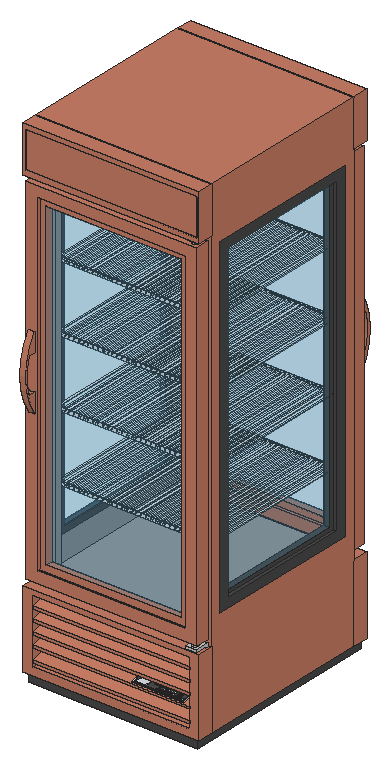
Revit family "QF_TRUE_G4SM-23PT-HC~TSL01", category Specialty Equipment, Revit 2016
Family settings
  Part Type = Normal
  Round Connector Dimension = Use Diameter
  Work Plane-Based = No
  Always vertical = Yes
  Cut with Voids When Loaded = No
  Shared = Yes
  Room Calculation Point = No
Parameters (values of type "G4SM-23PT-HC-TSL01")
  Weight in Pounds = 375
  Watts = if(Phase = 3, Volts * FL Amps * 1.73, Volts * FL Amps)  # 621 W
  Volts = 115 V
  URL Cutsheet = ""
  URL = ""
  Type Comments = ""
  Specification by User = ""
  Specification by Manufacturer = ""
  Show Logo [instance] = yes
  Show Default Legs [instance] = if(or(Show 6 Inches Standard Legs, Show 2.5 Inches Castors), or(Show 4 Inches Castors, and(Show 6 Inches Standard Legs, Show 2.5 Inches Castors), and(Show 2.5 Inches Castors, Show 6 Inches Seismic Flanged Legs)), if(Show 4 Inches Castors, Show 6 Inches Seismic Flanged Legs, not(Show 6 Inches Seismic Flanged Legs)))  # yes
  Show Clearance [instance] = yes
  Show 6 Inches Standard Legs [instance] = no
  Show 6 Inches Seismic Flanged Legs [instance] = no
  Show 4 Inches Castors [instance] = no
  Show 2.5 Inches Castors [instance] = no
  Serial Number = ""
  Seismic Rating = ""
  SMACNA No = ""
  Revision Code = ""
  Phase = 1
  Number of Poles = 1
  NAFEM Spec ID Number = ""
  Model = "G4SM-23PT-HC~TSL01"
  Min Ckt Ampacity = 0 A
  Max Overcurrent Protection = 0 A
  Masterspec = ""
  Manufacturer = "TRUE"
  Length = 27 1/2"
  Item Number = ""
  Installed By = ""
  Inches Seismic Flanged Legs [instance] = and(Show 6 Inches Seismic Flanged Legs, not(Show Default Legs))  # no
  Identify Quantity as Lot = yes
  Height [instance] = Body Height + Base Height  # 78 5/8"
  HP = "1/3"
  Furnished By = ""
  Foodservice Equipment Identifier = yes
  FL Amps = 5.4 A
  Electrical Remarks = ""
  Electric Connection Type = ""
  Elec Conn RI Height = 0"
  Elec Conn Connection Height = 0"
  Description = "SWING DOOR PASS-THRU REFRIGERATOR WITH HYDROCARBON REFRIGERANT-TRUE STANDARD LOOK VERSION 01"
  Depth = 32 3/4"  # constant formula
  Cycle = 60 Hz
  Conn Plug = "NEMA 5-15P"
  Conn Conduit = yes
  CSI MasterFormat = ""
  Body Height [instance] = 78 5/16"  # constant formula
  Base Height [instance] = if(Show Default Legs, 5/16", if(Show 2.5 Inches Castors, 2 1/2", if(Show 6 Inches Standard Legs, 6", if(Show 4 Inches Castors, 4", if(Show 6 Inches Seismic Flanged Legs, 6", 5" / 16)))))  # 5/16"
  Apparent Power = 0 VA
  6 Inches Standard Legs [instance] = and(Show 6 Inches Standard Legs, not(Show Default Legs))  # no
  4 Inches Castors [instance] = and(Show 4 Inches Castors, not(Show Default Legs))  # no
  2.5 Inches Casters [instance] = and(Show 2.5 Inches Castors, not(Show Default Legs))  # no
Reference planes (in)
  plane 1 "BACK": y = 4.0625
  plane 2: z = 0
  plane 3 "LEFT": x = 0
  plane 4 "RIGHT": x = 27.5
  plane 5 "FRONT": y = -31.9376
  plane 6 "Top": z = 78.625
  plane 7: z = 0.3125
  plane 8: y = -13.93755
  plane 9: x = 13.75
  plane 10: y = -30.3126
  plane 11: y = 2.4374
Dimensions and locks (in)
  "Base Height": plane 7 to level
  "Body Height": plane 6 "Top" to plane 7
  "Length": plane 3 "LEFT" to plane 4 "RIGHT"
  nested 1 to plane 7 = 1 3/8"
  equal spacing: plane 5 "FRONT", plane 8, plane 1 "BACK"
  equal spacing: nested 1, plane 9, nested 1
  plane 5 "FRONT" to plane 1 "BACK" = 36.0001"
  nested 1 to nested 1 = 1 5/8"
  plane 6 "Top" to level = 78 5/8"
  "Depth": plane 11 to plane 10
  aligned and locked: level to plane 2
  aligned and locked: nested 1 to plane 7  (x2)
Nested families (in)
  nested 1: "G4SM-23PT-HC-TSL01" at (0, -7.28135, 0), Show Logo <- "Show Logo", Show Clearance <- "Show Clearance", Show Default Legs <- "Show Default Legs", type "G4SM-23PT-HC-TSL01"
    with Type Mark "1", Specification by User "", Show Logo yes, Show Default Legs yes, Show Clearance yes, Seismic Plate no, Revision Code "", Legs no, Item Number "", Installed By "", Identify Quantity as Lot yes, Furnished By "", Foodservice Equipment Identifier yes
  nested 2: "CASTER-LEGS" at (2.25, -2.25, 0), Show Siesmic Flanged <- "Inches Seismic Flanged Legs", Show 6 Inches Legs <- "6 Inches Standard Legs", Show 2.5 Casters <- "2.5 Inches Casters", Show 4" Casters <- "4 Inches Castors", type "CASTER-LEGS"
    with Type Mark "", Status "", Specification by User "", Show Siesmic Flanged no, Show 6 Inches Legs no, Show 4" Casters no, Show 2.5 Casters no, Revision Code "", Low Profile yes, Item Number "", Installed By "", Identify Quantity as Lot yes, Furnished By "", Foodservice Equipment Identifier yes
  nested 3: "CASTER-LEGS" at (2.25, -25.6251, 0), Show Siesmic Flanged <- "Inches Seismic Flanged Legs", Show 6 Inches Legs <- "6 Inches Standard Legs", Show 2.5 Casters <- "2.5 Inches Casters", Show 4" Casters <- "4 Inches Castors", type "CASTER-LEGS"
    with Type Mark "", Status "", Specification by User "", Show Siesmic Flanged no, Show 6 Inches Legs no, Show 4" Casters no, Show 2.5 Casters no, Revision Code "", Low Profile yes, Item Number "", Installed By "", Identify Quantity as Lot yes, Furnished By "", Foodservice Equipment Identifier yes
  nested 4: "CASTER-LEGS" at (25.25, -25.6251, 0), Show Siesmic Flanged <- "Inches Seismic Flanged Legs", Show 6 Inches Legs <- "6 Inches Standard Legs", Show 2.5 Casters <- "2.5 Inches Casters", Show 4" Casters <- "4 Inches Castors", type "CASTER-LEGS"
    with Type Mark "", Status "", Specification by User "", Show Siesmic Flanged no, Show 6 Inches Legs no, Show 4" Casters no, Show 2.5 Casters no, Revision Code "", Low Profile yes, Item Number "", Installed By "", Identify Quantity as Lot yes, Furnished By "", Foodservice Equipment Identifier yes
  nested 5: "CASTER-LEGS" at (25.25, -2.25, 0), Show Siesmic Flanged <- "Inches Seismic Flanged Legs", Show 6 Inches Legs <- "6 Inches Standard Legs", Show 2.5 Casters <- "2.5 Inches Casters", Show 4" Casters <- "4 Inches Castors", type "CASTER-LEGS"
    with Type Mark "", Status "", Specification by User "", Show Siesmic Flanged no, Show 6 Inches Legs no, Show 4" Casters no, Show 2.5 Casters no, Revision Code "", Low Profile yes, Item Number "", Installed By "", Identify Quantity as Lot yes, Furnished By "", Foodservice Equipment Identifier yes
Connectors (in)
  electrical at (13.75, 2.5924, 7.71875), driven by "Volts", driven by "Watts"
    settings: on nested 1, index 1, voltage 115 V, apparent load 621 VA, apparent load phase1 0 VA, apparent load phase2 0 VA, apparent load phase3 0 VA, power factor 1, load classification "Other", number of poles 1, system type 30, power factor state 1, is connector primary yes, connector utility no, sub classification motor no, connector description "ELECTRICAL CONNECTION"
Definition of nested family "G4SM-23PT-HC-TSL01"
  Parameters (values of type "G4SM-23PT-HC-TSL01")
    URL = ""
    Type Mark [instance] = ""
    Type Comments = ""
    Specification by User [instance] = ""
    Specification by Manufacturer = ""
    Show Logo [instance] = yes
    Show Default Legs [instance] = yes
    Show Clearance [instance] = yes
    Serial Number = ""
    Seismic Rating = ""
    Seismic Plate [instance] = no
    SMACNA No = ""
    Revision Code [instance] = ""
    Omniclass Number and Title = ""
    NAFEM Spec ID Number = ""
    Model = ""
    MasterSpec. = ""
    Manufacturer = ""
    Legs [instance] = no
    Item Number [instance] = ""
    Installed By [instance] = ""
    Identify Quantity as Lot [instance] = yes
    Furnished By [instance] = ""
    Foodservice Equipment Identifier [instance] = yes
    Description = ""
    CSI MasterFormat = ""
    CSI Master Format = ""
    Body Finish = none
    Assembly Code = ""
  Reference planes (in)
    plane 1 "BACK": y = 9.71875
    plane 2: z = 0
    plane 3 "LEFT": x = 0
    plane 4 "RIGHT": x = 27.5
    plane 5 "FRONT": y = -24.65625
    plane 6: y = -33.61045
    plane 7 "Top": z = 78.625
    plane 8: z = 2.1875
    plane 9: y = -23.03125
    plane 10: y = -6.65625
    plane 11: y = 11.34375
    plane 12: x = 13.75
    plane 13: y = 34.65625
    plane 14: x = 12.93112
    plane 15: x = 13.75
    plane 16: x = 12.93112
    plane 17: x = 12.93112
    plane 18: x = 12.93112
    plane 19: y = -47.96875
    plane 20: y = 34.65625
  Forms (in)
    Extrusion 1, solid, material <- "Body Finish"
      sketch origin (0, 0.09375, 1.875) x (0, 1, 0) y (0, 0, 1)
        loop
          line (-20.625, 2.56553) -> (-20.625, 10.52178) -> (-23.125, 9.6407) -> (-23.125, 9.25512) -> (-21.16746, 9.94502) -> (-21.16746, 8.49996) -> (-23.125, 7.81006) -> (-23.125, 7.42448) -> (-21.16746, 8.11439) -> (-21.16746, 6.66933) -> (-23.125, 5.97943) -> (-23.125, 5.59385) -> (-21.16746, 6.28375) -> (-21.16746, 4.83869) -> (-23.125, 4.14879) -> (-23.125, 3.76321) -> (-21.16746, 4.45312) -> (-21.16746, 2.75993) -> (-23.125, 2.07003) -> (-23.125, 1.68445) -> (-20.625, 2.56553)
      from 1.5 to 26
    Extrusion 2, solid
      sketch origin (-25.125, 10.84375, -0.71875) x (1, 0, 0) y (0, 0, 1)
        loop
          line (25.5, 78.59375) -> (25.5, 72.84387) -> (52.25, 72.84387) -> (52.25, 78.59375) -> (25.5, 78.59375)
      from 31.641 to 33.75
    Extrusion 3, solid, material <- "Body Finish"
      sketch origin (0, 0, 0) x (1, 0, 0) y (0, 0, 1)
        loop
          line (0, 78.625) -> (0, 1.6875) -> (27.5, 1.6875) -> (27.5, 78.625) -> (0, 78.625)
        loop
          line (1.3125, 70.66173) -> (1.3125, 14.8125) -> (26.1875, 14.8125) -> (26.1875, 70.66173) -> (1.3125, 70.66173)
      from -7.21875 to 20.53125
    Extrusion 4, solid
      sketch origin (0, 0.21777, 0) x (1, 0, 0) y (0, 0, 1)
        loop
          line (3.125, 17.5625) -> (24.375, 17.5625) -> (24.375, 67.91173) -> (3.125, 67.91173) -> (3.125, 17.5625)
      from 21.62954 to 22.68087
    Extrusion 5, solid
      sketch origin (2.39022, 0.28125, 7.37512) x (1, 0, 0) y (0, 1, 0)
        loop
          line (23.02382, -20.8125) -> (23.02382, -22.88338) -> (24.4375, -22.88338) -> (24.4375, -20.8125) -> (23.02382, -20.8125)
      from 63.59911 to 64
    Extrusion 6, solid
      sketch origin (2.39022, 0.20312, 58.46661) x (1, 0, 0) y (0, 1, 0)
        loop
          circle (23.79728, -22.15971) r 0.5
      from 12.19512 to 12.50762
    Extrusion 7, solid
      sketch origin (0, -24.40625, 0) x (1, 0, 0) y (0, 0, 1)
        loop
          line (0.5, 1.6875) -> (0.5, 0.3125) -> (27, 0.3125) -> (27, 1.6875) -> (0.5, 1.6875)
      from -33.62625 to -1.7825
    Extrusion 8, solid, material <- "Body Finish"
      sketch origin (0, -20.53125, 0) x (1, 0, 0) y (0, 0, 1)
        loop
          line (27.5, 1.6875) -> (27.5, 13.75) -> (0, 13.75) -> (0, 1.6875) -> (27.5, 1.6875)
        loop
          line (26, 2.9375) -> (26, 13) -> (1.5, 13) -> (1.5, 2.9375) -> (26, 2.9375)
        loop
          line (0.375, 72.12512) -> (27.125, 72.12512) -> (27.125, 77.875) -> (0.375, 77.875) -> (0.375, 72.12512)
        loop
          line (27.5, 71.37512) -> (27.5, 78.625) -> (0, 78.625) -> (0, 71.37512) -> (27.5, 71.37512)
      from 0 to 2.5
    Extrusion 9, solid
      sketch origin (2.39022, 0.09375, 2.4375) x (0, 1, 0) y (0, 0, 1)
        loop
          line (-20.79736, 11.3125) -> (-20.79736, 11.88262) -> (-23.04736, 11.88262) -> (-23.04736, 11.47736) -> (-21.29736, 11.47736) -> (-21.29736, 11.3125) -> (-20.79736, 11.3125)
      from 23.06646 to 24.65563
    Extrusion 10, solid
      sketch origin (2.39022, 0.09375, 2.4375) x (1, 0, 0) y (0, 1, 0)
        loop
          circle (23.79728, -22.15971) r 0.5
      from 11.88262 to 12.375
    Extrusion 11, solid, material <- "Body Finish"
      sketch origin (-25.125, -22.90625, -0.71875) x (1, 0, 0) y (0, 0, 1)
        loop
          line (27.25, 69.63048) -> (27.25, 17.28125) -> (50.5, 17.28125) -> (50.5, 69.63048) -> (27.25, 69.63048)
        loop
          line (28.25, 68.63048) -> (28.25, 18.28125) -> (49.5, 18.28125) -> (49.5, 68.63048) -> (28.25, 68.63048)
      from -1.49448 to -0.44315
    Extrusion 12, void
      sketch origin (0, 0, 2.9375) x (0, 0, -1) y (0, 1, 0)
        loop
          line (-65.97423, -18.03125) -> (-15.97423, -18.03125) -> (-15.97423, 4.25) -> (-65.97423, 4.25) -> (-65.97423, -18.03125)
      from 0 to 27.5
    Sweep 13, solid
      path in 3D
        loop
          line (26.1875, 4.25, 18.91173) -> (26.1875, 4.25, 68.91173) -> (26.1875, -18.03125, 68.91173) -> (26.1875, -18.03125, 18.91173) -> (26.1875, 4.25, 18.91173)
      profile origin (26.1875, -6.89062, 18.91173) x (-1, 0, 0) y (0, 0, 1)
        loop
          line (0.1875, 0) -> (0.1875, 1) -> (-0.8125, 1) -> (-0.8125, 0.5) -> (-1.4375, 0.5) -> (-1.4375, -1) -> (-1.3125, -1) -> (-1.3125, 0) -> (0.1875, 0)
    Sweep 14, solid
      path in 3D
        loop
          line (1.3125, 4.25, 18.91173) -> (1.3125, 4.25, 68.91173) -> (1.3125, -18.03125, 68.91173) -> (1.3125, -18.03125, 18.91173) -> (1.3125, 4.25, 18.91173)
      profile origin (1.3125, -6.89062, 18.91173) x (-1, 0, 0) y (0, 0, 1)
        loop
          line (-0.1875, 0) -> (1.3125, 0) -> (1.3125, -1) -> (1.4375, -1) -> (1.4375, 0.5) -> (0.8125, 0.5) -> (0.8125, 1) -> (-0.1875, 1) -> (-0.1875, 0)
    Extrusion 15, solid
      sketch origin (0, 0, 0) x (1, 0, 0) y (0, 1, 0)
        loop
          line (26.17826, -19.69067) -> (26.17826, -18.69067) -> (25.17826, -18.69067) -> (25.17826, -19.69067) -> (26.17826, -19.69067)
        loop
          line (1.49362, -19.69067) -> (2.49362, -19.69067) -> (2.49362, -18.69067) -> (1.49362, -18.69067) -> (1.49362, -19.69067)
        loop
          line (26.17826, 6.37817) -> (25.17826, 6.37817) -> (25.17826, 5.37817) -> (26.17826, 5.37817) -> (26.17826, 6.37817)
        loop
          line (1.49362, 6.37817) -> (1.49362, 5.37817) -> (2.49362, 5.37817) -> (2.49362, 6.37817) -> (1.49362, 6.37817)
      from 14.8125 to 70.66173
    Extrusion 16, solid
      sketch origin (0, 0, 2.9375) x (0, 0, 1) y (0, 1, 0)
        loop
          line (64.97423, 3.25) -> (16.97423, 3.25) -> (16.97423, -17.03125) -> (64.97423, -17.03125) -> (64.97423, 3.25)
      from -1.3125 to -0.5
    Extrusion 17, solid
      sketch origin (27.5, 0, 2.9375) x (0, 0, 1) y (0, -1, 0)
        loop
          line (64.97423, -3.25) -> (64.97423, 17.03125) -> (16.97423, 17.03125) -> (16.97423, -3.25) -> (64.97423, -3.25)
      from -1.3125 to -0.5
    Extrusion 18, solid
      sketch origin (27.5, -13.53027, 0) x (-1, 0, 0) y (0, 0, 1)
        loop
          line (3.125, 17.5625) -> (24.375, 17.5625) -> (24.375, 67.91173) -> (3.125, 67.91173) -> (3.125, 17.5625)
      from 21.62954 to 22.68087
    Extrusion 19, solid
      sketch origin (25.10978, -13.59375, 7.37512) x (-1, 0, 0) y (0, -1, 0)
        loop
          line (23.02382, -20.8125) -> (23.02382, -22.88338) -> (24.4375, -22.88338) -> (24.4375, -20.8125) -> (23.02382, -20.8125)
      from 63.59911 to 64
    Extrusion 20, solid
      sketch origin (25.10978, -13.51562, 58.46661) x (-1, 0, 0) y (0, -1, 0)
        loop
          circle (23.79728, -22.15971) r 0.5
      from 12.19512 to 12.50762
    Extrusion 21, solid, material <- "Body Finish"
      sketch origin (52.625, 9.59375, -0.71875) x (-1, 0, 0) y (0, 0, 1)
        loop
          line (27.25, 69.63048) -> (27.25, 17.28125) -> (50.5, 17.28125) -> (50.5, 69.63048) -> (27.25, 69.63048)
        loop
          line (28.25, 68.63048) -> (28.25, 18.28125) -> (49.5, 18.28125) -> (49.5, 68.63048) -> (28.25, 68.63048)
      from -1.49448 to -0.44315
    Extrusion 22, solid
      sketch origin (67.25, 9.87375, -53.3125) x (-1, 0, 0) y (0, 0, -1)
        loop
          circle (53.5, -61.03125) r 0.25
      from 0 to 0.155
    Extrusion 23, solid, visible <- "Show Clearance", detail levels coarse
      sketch origin (21.9932, -38.32014, 0) x (-1, 0, 0) y (0, -1, 0)
        loop
          arc (21.61819, -15.41389) -> (13.30443, 2.51938) -> (-5.1318, 9.64861) r 26.39092
          line (-5.1318, 9.64861) -> (-5.1318, -15.41389) -> (21.61819, -15.41389)
        loop
          arc (-5.1318, -47.91389) -> (3.18196, -65.84715) -> (21.61819, -72.97639) r 26.39092
          line (21.61819, -72.97639) -> (21.61819, -47.91389) -> (-5.1318, -47.91389)
      from 14.8125 to 70.66173
    Extrusion 24, solid, material <- "Body Finish"
      sketch origin (0.82942, -180, 49.9783) x (0, 0, -1) y (0, -1, 0)
        loop
          line (0, -157.09375) -> (3, -157.09375) -> (3, -155.97904)
          arc (3, -155.97904) -> (5.76725, -155.59365) -> (8.53451, -155.97904) r 10.1277
          line (8.53451, -155.97904) -> (8.53451, -157.09375) -> (11.53451, -157.09375)
          arc (11.53451, -157.09375) -> (5.76725, -155.34365) -> (0, -157.09375) r 10.3777
      from 0 to -0.84676
    Extrusion 25, solid, material <- "Body Finish"
      sketch origin (26.67058, 166.6875, 49.9783) x (0, 0, -1) y (0, 1, 0)
        loop
          line (0, -157.09375) -> (3, -157.09375) -> (3, -155.97888)
          arc (3, -155.97888) -> (5.76725, -155.59346) -> (8.53451, -155.97888) r 10.12675
          line (8.53451, -155.97888) -> (8.53451, -157.09375) -> (11.53451, -157.09375)
          arc (11.53451, -157.09375) -> (5.76725, -155.34346) -> (0, -157.09375) r 10.37675
      from 0 to -0.84676
    Extrusion 26, solid
      sketch origin (25.10978, -13.59375, 7.37512) x (-1, 0, 0) y (0, -1, 0)
        loop
          line (23.02382, -20.8125) -> (23.02382, -22.88338) -> (24.4375, -22.88338) -> (24.4375, -20.8125) -> (23.02382, -20.8125)
      from 63.59911 to 64
    Extrusion 27, solid
      sketch origin (25.10978, -13.51562, 58.46661) x (-1, 0, 0) y (0, -1, 0)
        loop
          circle (23.79728, -22.15971) r 0.5
      from 12.19512 to 12.50762
    Extrusion 28, solid
      sketch origin (25.10978, -13.40625, 2.4375) x (0, -1, 0) y (0, 0, 1)
        loop
          line (-20.79736, 11.3125) -> (-20.79736, 11.88262) -> (-23.04736, 11.88262) -> (-23.04736, 11.47736) -> (-21.29736, 11.47736) -> (-21.29736, 11.3125) -> (-20.79736, 11.3125)
      from 23.06646 to 24.65563
    Extrusion 29, solid
      sketch origin (25.10978, -13.40625, 2.4375) x (-1, 0, 0) y (0, -1, 0)
        loop
          circle (23.79728, -22.15971) r 0.5
      from 11.88262 to 12.375
    Extrusion 30, solid, visible <- "Show Default Legs"
      sketch origin (-103.07038, -24.40625, 0.3125) x (0, -1, 0) y (-1, 0, 0)
        loop
          circle (-32.21204, -104.98459) r 0.75
        loop
          circle (-32.21204, -128.65617) r 0.75
        loop
          circle (-3.28796, -104.98459) r 0.75
        loop
          circle (-3.28796, -128.65617) r 0.75
      from 0 to 0.3125
    Extrusion 31, solid
      sketch origin (1.99362, -18.69067, -3.49016) x (-1, 0, 0) y (0, 0, 1)
        loop
          line (0.5, 51.21206) -> (0.5, 51.71206) -> (-24.01276, 51.71206) -> (-24.01276, 51.21206) -> (0.5, 51.21206)
        loop
          line (-10.72786, 51.56394) -> (-11.2849, 51.56394) -> (-11.2849, 51.36019) -> (-10.72786, 51.36019) -> (-10.72786, 51.56394)
        loop
          line (-9.97786, 51.56394) -> (-10.5349, 51.56394) -> (-10.5349, 51.36019) -> (-9.97786, 51.36019) -> (-9.97786, 51.56394)
        loop
          line (-9.22786, 51.56394) -> (-9.7849, 51.56394) -> (-9.7849, 51.36019) -> (-9.22786, 51.36019) -> (-9.22786, 51.56394)
        loop
          line (-8.47786, 51.56394) -> (-9.0349, 51.56394) -> (-9.0349, 51.36019) -> (-8.47786, 51.36019) -> (-8.47786, 51.56394)
        loop
          line (-7.72786, 51.56394) -> (-8.2849, 51.56394) -> (-8.2849, 51.36019) -> (-7.72786, 51.36019) -> (-7.72786, 51.56394)
        loop
          line (-6.97786, 51.56394) -> (-7.5349, 51.56394) -> (-7.5349, 51.36019) -> (-6.97786, 51.36019) -> (-6.97786, 51.56394)
        loop
          line (-6.22786, 51.56394) -> (-6.7849, 51.56394) -> (-6.7849, 51.36019) -> (-6.22786, 51.36019) -> (-6.22786, 51.56394)
        loop
          line (-5.47786, 51.56394) -> (-6.0349, 51.56394) -> (-6.0349, 51.36019) -> (-5.47786, 51.36019) -> (-5.47786, 51.56394)
        loop
          line (-4.72786, 51.56394) -> (-5.2849, 51.56394) -> (-5.2849, 51.36019) -> (-4.72786, 51.36019) -> (-4.72786, 51.56394)
        loop
          line (-3.97786, 51.56394) -> (-4.5349, 51.56394) -> (-4.5349, 51.36019) -> (-3.97786, 51.36019) -> (-3.97786, 51.56394)
        loop
          line (-3.22786, 51.56394) -> (-3.7849, 51.56394) -> (-3.7849, 51.36019) -> (-3.22786, 51.36019) -> (-3.22786, 51.56394)
        loop
          line (-2.47786, 51.56394) -> (-3.0349, 51.56394) -> (-3.0349, 51.36019) -> (-2.47786, 51.36019) -> (-2.47786, 51.56394)
        loop
          line (-1.72786, 51.56394) -> (-2.2849, 51.56394) -> (-2.2849, 51.36019) -> (-1.72786, 51.36019) -> (-1.72786, 51.56394)
        loop
          line (-0.97786, 51.56394) -> (-1.5349, 51.56394) -> (-1.5349, 51.36019) -> (-0.97786, 51.36019) -> (-0.97786, 51.56394)
        loop
          line (-0.22786, 51.56394) -> (-0.7849, 51.56394) -> (-0.7849, 51.36019) -> (-0.22786, 51.36019) -> (-0.22786, 51.56394)
        loop
          line (-12.0349, 51.56394) -> (-12.0349, 51.36019) -> (-11.47786, 51.36019) -> (-11.47786, 51.56394) -> (-12.0349, 51.56394)
        loop
          line (-12.7849, 51.56394) -> (-12.7849, 51.36019) -> (-12.22786, 51.36019) -> (-12.22786, 51.56394) -> (-12.7849, 51.56394)
        loop
          line (-13.5349, 51.56394) -> (-13.5349, 51.36019) -> (-12.97786, 51.36019) -> (-12.97786, 51.56394) -> (-13.5349, 51.56394)
        loop
          line (-14.2849, 51.56394) -> (-14.2849, 51.36019) -> (-13.72786, 51.36019) -> (-13.72786, 51.56394) -> (-14.2849, 51.56394)
        loop
          line (-15.0349, 51.56394) -> (-15.0349, 51.36019) -> (-14.47786, 51.36019) -> (-14.47786, 51.56394) -> (-15.0349, 51.56394)
        loop
          line (-15.7849, 51.56394) -> (-15.7849, 51.36019) -> (-15.22786, 51.36019) -> (-15.22786, 51.56394) -> (-15.7849, 51.56394)
        loop
          line (-16.5349, 51.56394) -> (-16.5349, 51.36019) -> (-15.97786, 51.36019) -> (-15.97786, 51.56394) -> (-16.5349, 51.56394)
        loop
          line (-17.2849, 51.56394) -> (-17.2849, 51.36019) -> (-16.72786, 51.36019) -> (-16.72786, 51.56394) -> (-17.2849, 51.56394)
        loop
          line (-18.0349, 51.56394) -> (-18.0349, 51.36019) -> (-17.47786, 51.36019) -> (-17.47786, 51.56394) -> (-18.0349, 51.56394)
        loop
          line (-18.7849, 51.56394) -> (-18.7849, 51.36019) -> (-18.22786, 51.36019) -> (-18.22786, 51.56394) -> (-18.7849, 51.56394)
        loop
          line (-19.5349, 51.56394) -> (-19.5349, 51.36019) -> (-18.97786, 51.36019) -> (-18.97786, 51.56394) -> (-19.5349, 51.56394)
        loop
          line (-20.2849, 51.56394) -> (-20.2849, 51.36019) -> (-19.72786, 51.36019) -> (-19.72786, 51.56394) -> (-20.2849, 51.56394)
        loop
          line (-21.0349, 51.56394) -> (-21.0349, 51.36019) -> (-20.47786, 51.36019) -> (-20.47786, 51.56394) -> (-21.0349, 51.56394)
        loop
          line (-21.7849, 51.56394) -> (-21.7849, 51.36019) -> (-21.22786, 51.36019) -> (-21.22786, 51.56394) -> (-21.7849, 51.56394)
        loop
          line (-22.5349, 51.56394) -> (-22.5349, 51.36019) -> (-21.97786, 51.36019) -> (-21.97786, 51.56394) -> (-22.5349, 51.56394)
        loop
          line (-23.2849, 51.56394) -> (-23.2849, 51.36019) -> (-22.72786, 51.36019) -> (-22.72786, 51.56394) -> (-23.2849, 51.56394)
      from 0 to 0.125
    Extrusion 32, solid
      sketch origin (25.36862, 5.37817, 48.2219) x (-1, 0, 0) y (0, 0, 1)
        loop
          line (23.875, -0.5) -> (23.875, 0) -> (-0.63776, 0) -> (-0.63776, -0.5) -> (23.875, -0.5)
        loop
          line (12.64714, -0.14812) -> (12.0901, -0.14812) -> (12.0901, -0.35188) -> (12.64714, -0.35188) -> (12.64714, -0.14812)
        loop
          line (13.39714, -0.14812) -> (12.8401, -0.14812) -> (12.8401, -0.35188) -> (13.39714, -0.35188) -> (13.39714, -0.14812)
        loop
          line (14.14714, -0.14812) -> (13.5901, -0.14812) -> (13.5901, -0.35188) -> (14.14714, -0.35188) -> (14.14714, -0.14812)
        loop
          line (14.89714, -0.14812) -> (14.3401, -0.14812) -> (14.3401, -0.35188) -> (14.89714, -0.35188) -> (14.89714, -0.14812)
        loop
          line (15.64714, -0.14812) -> (15.0901, -0.14812) -> (15.0901, -0.35188) -> (15.64714, -0.35188) -> (15.64714, -0.14812)
        loop
          line (16.39714, -0.14812) -> (15.8401, -0.14812) -> (15.8401, -0.35188) -> (16.39714, -0.35188) -> (16.39714, -0.14812)
        loop
          line (17.14714, -0.14812) -> (16.5901, -0.14812) -> (16.5901, -0.35188) -> (17.14714, -0.35188) -> (17.14714, -0.14812)
        loop
          line (17.89714, -0.14812) -> (17.3401, -0.14812) -> (17.3401, -0.35188) -> (17.89714, -0.35188) -> (17.89714, -0.14812)
        loop
          line (18.64714, -0.14812) -> (18.0901, -0.14812) -> (18.0901, -0.35188) -> (18.64714, -0.35188) -> (18.64714, -0.14812)
        loop
          line (19.39714, -0.14812) -> (18.8401, -0.14812) -> (18.8401, -0.35188) -> (19.39714, -0.35188) -> (19.39714, -0.14812)
        loop
          line (20.14714, -0.14812) -> (19.5901, -0.14812) -> (19.5901, -0.35188) -> (20.14714, -0.35188) -> (20.14714, -0.14812)
        loop
          line (20.89714, -0.14812) -> (20.3401, -0.14812) -> (20.3401, -0.35188) -> (20.89714, -0.35188) -> (20.89714, -0.14812)
        loop
          line (21.64714, -0.14812) -> (21.0901, -0.14812) -> (21.0901, -0.35188) -> (21.64714, -0.35188) -> (21.64714, -0.14812)
        loop
          line (22.39714, -0.14812) -> (21.8401, -0.14812) -> (21.8401, -0.35188) -> (22.39714, -0.35188) -> (22.39714, -0.14812)
        loop
          line (23.14714, -0.14812) -> (22.5901, -0.14812) -> (22.5901, -0.35188) -> (23.14714, -0.35188) -> (23.14714, -0.14812)
        loop
          line (11.3401, -0.14812) -> (11.3401, -0.35188) -> (11.89714, -0.35188) -> (11.89714, -0.14812) -> (11.3401, -0.14812)
        loop
          line (10.5901, -0.14812) -> (10.5901, -0.35188) -> (11.14714, -0.35188) -> (11.14714, -0.14812) -> (10.5901, -0.14812)
        loop
          line (9.8401, -0.14812) -> (9.8401, -0.35188) -> (10.39714, -0.35188) -> (10.39714, -0.14812) -> (9.8401, -0.14812)
        loop
          line (9.0901, -0.14812) -> (9.0901, -0.35188) -> (9.64714, -0.35188) -> (9.64714, -0.14812) -> (9.0901, -0.14812)
        loop
          line (8.3401, -0.14812) -> (8.3401, -0.35188) -> (8.89714, -0.35188) -> (8.89714, -0.14812) -> (8.3401, -0.14812)
        loop
          line (7.5901, -0.14812) -> (7.5901, -0.35188) -> (8.14714, -0.35188) -> (8.14714, -0.14812) -> (7.5901, -0.14812)
        loop
          line (6.8401, -0.14812) -> (6.8401, -0.35188) -> (7.39714, -0.35188) -> (7.39714, -0.14812) -> (6.8401, -0.14812)
        loop
          line (6.0901, -0.14812) -> (6.0901, -0.35188) -> (6.64714, -0.35188) -> (6.64714, -0.14812) -> (6.0901, -0.14812)
        loop
          line (5.3401, -0.14812) -> (5.3401, -0.35188) -> (5.89714, -0.35188) -> (5.89714, -0.14812) -> (5.3401, -0.14812)
        loop
          line (4.5901, -0.14812) -> (4.5901, -0.35188) -> (5.14714, -0.35188) -> (5.14714, -0.14812) -> (4.5901, -0.14812)
        loop
          line (3.8401, -0.14812) -> (3.8401, -0.35188) -> (4.39714, -0.35188) -> (4.39714, -0.14812) -> (3.8401, -0.14812)
        loop
          line (3.0901, -0.14812) -> (3.0901, -0.35188) -> (3.64714, -0.35188) -> (3.64714, -0.14812) -> (3.0901, -0.14812)
        loop
          line (2.3401, -0.14812) -> (2.3401, -0.35188) -> (2.89714, -0.35188) -> (2.89714, -0.14812) -> (2.3401, -0.14812)
        loop
          line (1.5901, -0.14812) -> (1.5901, -0.35188) -> (2.14714, -0.35188) -> (2.14714, -0.14812) -> (1.5901, -0.14812)
        loop
          line (1.39714, -0.14812) -> (0.8401, -0.14812) -> (0.8401, -0.35188) -> (1.39714, -0.35188) -> (1.39714, -0.14812)
        loop
          line (0.64714, -0.14812) -> (0.0901, -0.14812) -> (0.0901, -0.35188) -> (0.64714, -0.35188) -> (0.64714, -0.14812)
      from 0 to -0.125
    Extrusion 33, solid
      sketch origin (1.99362, -18.69067, -3.49016) x (-1, 0, 0) y (0, 0, 1)
        loop
          circle (-10.99714, 51.38331) r 0.125
        loop
          circle (-10.24714, 51.38331) r 0.125
        loop
          circle (-9.49714, 51.38331) r 0.125
        loop
          circle (-8.74714, 51.38331) r 0.125
        loop
          circle (-7.99714, 51.38331) r 0.125
        loop
          circle (-7.24714, 51.38331) r 0.125
        loop
          circle (-6.49714, 51.38331) r 0.125
        loop
          circle (-5.74714, 51.38331) r 0.125
        loop
          circle (-4.99714, 51.38331) r 0.125
        loop
          circle (-4.24714, 51.38331) r 0.125
        loop
          circle (-3.49714, 51.38331) r 0.125
        loop
          circle (-2.74714, 51.38331) r 0.125
        loop
          circle (-1.99714, 51.38331) r 0.125
        loop
          circle (-1.24714, 51.38331) r 0.125
        loop
          circle (-0.49714, 51.38331) r 0.125
        loop
          circle (-11.75638, 51.38331) r 0.125
        loop
          circle (-12.50638, 51.38331) r 0.125
        loop
          circle (-13.25638, 51.38331) r 0.125
        loop
          circle (-14.00638, 51.38331) r 0.125
        loop
          circle (-14.75638, 51.38331) r 0.125
        loop
          circle (-15.50638, 51.38331) r 0.125
        loop
          circle (-16.25638, 51.38331) r 0.125
        loop
          circle (-17.00638, 51.38331) r 0.125
        loop
          circle (-17.75638, 51.38331) r 0.125
        loop
          circle (-18.50638, 51.38331) r 0.125
        loop
          circle (-19.25638, 51.38331) r 0.125
        loop
          circle (-20.00638, 51.38331) r 0.125
        loop
          circle (-20.75638, 51.38331) r 0.125
        loop
          circle (-21.50638, 51.38331) r 0.125
        loop
          circle (0.375, 51.38331) r 0.125
        loop
          circle (-22.30501, 51.38331) r 0.125
        loop
          circle (-23.01563, 51.38331) r 0.125
        loop
          circle (-23.88776, 51.38331) r 0.125
      from 0.125 to 23.94067
    Extrusion 34, solid, not visible
      sketch origin (2.8125, -20.53442, -13.26827) x (-1, 0, 0) y (0, 0, 1)
        loop
          line (0.5, 51.21206) -> (0.5, 51.71206) -> (-24.01276, 51.71206) -> (-24.01276, 51.21206) -> (0.5, 51.21206)
        loop
          line (-10.72786, 51.56394) -> (-11.2849, 51.56394) -> (-11.2849, 51.36019) -> (-10.72786, 51.36019) -> (-10.72786, 51.56394)
        loop
          line (-9.97786, 51.56394) -> (-10.5349, 51.56394) -> (-10.5349, 51.36019) -> (-9.97786, 51.36019) -> (-9.97786, 51.56394)
        loop
          line (-9.22786, 51.56394) -> (-9.7849, 51.56394) -> (-9.7849, 51.36019) -> (-9.22786, 51.36019) -> (-9.22786, 51.56394)
        loop
          line (-8.47786, 51.56394) -> (-9.0349, 51.56394) -> (-9.0349, 51.36019) -> (-8.47786, 51.36019) -> (-8.47786, 51.56394)
        loop
          line (-7.72786, 51.56394) -> (-8.2849, 51.56394) -> (-8.2849, 51.36019) -> (-7.72786, 51.36019) -> (-7.72786, 51.56394)
        loop
          line (-6.97786, 51.56394) -> (-7.5349, 51.56394) -> (-7.5349, 51.36019) -> (-6.97786, 51.36019) -> (-6.97786, 51.56394)
        loop
          line (-6.22786, 51.56394) -> (-6.7849, 51.56394) -> (-6.7849, 51.36019) -> (-6.22786, 51.36019) -> (-6.22786, 51.56394)
        loop
          line (-5.47786, 51.56394) -> (-6.0349, 51.56394) -> (-6.0349, 51.36019) -> (-5.47786, 51.36019) -> (-5.47786, 51.56394)
        loop
          line (-4.72786, 51.56394) -> (-5.2849, 51.56394) -> (-5.2849, 51.36019) -> (-4.72786, 51.36019) -> (-4.72786, 51.56394)
        loop
          line (-3.97786, 51.56394) -> (-4.5349, 51.56394) -> (-4.5349, 51.36019) -> (-3.97786, 51.36019) -> (-3.97786, 51.56394)
        loop
          line (-3.22786, 51.56394) -> (-3.7849, 51.56394) -> (-3.7849, 51.36019) -> (-3.22786, 51.36019) -> (-3.22786, 51.56394)
        loop
          line (-2.47786, 51.56394) -> (-3.0349, 51.56394) -> (-3.0349, 51.36019) -> (-2.47786, 51.36019) -> (-2.47786, 51.56394)
        loop
          line (-1.72786, 51.56394) -> (-2.2849, 51.56394) -> (-2.2849, 51.36019) -> (-1.72786, 51.36019) -> (-1.72786, 51.56394)
        loop
          line (-0.97786, 51.56394) -> (-1.5349, 51.56394) -> (-1.5349, 51.36019) -> (-0.97786, 51.36019) -> (-0.97786, 51.56394)
        loop
          line (-0.22786, 51.56394) -> (-0.7849, 51.56394) -> (-0.7849, 51.36019) -> (-0.22786, 51.36019) -> (-0.22786, 51.56394)
        loop
          line (-12.0349, 51.56394) -> (-12.0349, 51.36019) -> (-11.47786, 51.36019) -> (-11.47786, 51.56394) -> (-12.0349, 51.56394)
        loop
          line (-12.7849, 51.56394) -> (-12.7849, 51.36019) -> (-12.22786, 51.36019) -> (-12.22786, 51.56394) -> (-12.7849, 51.56394)
        loop
          line (-13.5349, 51.56394) -> (-13.5349, 51.36019) -> (-12.97786, 51.36019) -> (-12.97786, 51.56394) -> (-13.5349, 51.56394)
        loop
          line (-14.2849, 51.56394) -> (-14.2849, 51.36019) -> (-13.72786, 51.36019) -> (-13.72786, 51.56394) -> (-14.2849, 51.56394)
        loop
          line (-15.0349, 51.56394) -> (-15.0349, 51.36019) -> (-14.47786, 51.36019) -> (-14.47786, 51.56394) -> (-15.0349, 51.56394)
        loop
          line (-15.7849, 51.56394) -> (-15.7849, 51.36019) -> (-15.22786, 51.36019) -> (-15.22786, 51.56394) -> (-15.7849, 51.56394)
        loop
          line (-16.5349, 51.56394) -> (-16.5349, 51.36019) -> (-15.97786, 51.36019) -> (-15.97786, 51.56394) -> (-16.5349, 51.56394)
        loop
          line (-17.2849, 51.56394) -> (-17.2849, 51.36019) -> (-16.72786, 51.36019) -> (-16.72786, 51.56394) -> (-17.2849, 51.56394)
        loop
          line (-18.0349, 51.56394) -> (-18.0349, 51.36019) -> (-17.47786, 51.36019) -> (-17.47786, 51.56394) -> (-18.0349, 51.56394)
        loop
          line (-18.7849, 51.56394) -> (-18.7849, 51.36019) -> (-18.22786, 51.36019) -> (-18.22786, 51.56394) -> (-18.7849, 51.56394)
        loop
          line (-19.5349, 51.56394) -> (-19.5349, 51.36019) -> (-18.97786, 51.36019) -> (-18.97786, 51.56394) -> (-19.5349, 51.56394)
        loop
          line (-20.2849, 51.56394) -> (-20.2849, 51.36019) -> (-19.72786, 51.36019) -> (-19.72786, 51.56394) -> (-20.2849, 51.56394)
        loop
          line (-21.0349, 51.56394) -> (-21.0349, 51.36019) -> (-20.47786, 51.36019) -> (-20.47786, 51.56394) -> (-21.0349, 51.56394)
        loop
          line (-21.7849, 51.56394) -> (-21.7849, 51.36019) -> (-21.22786, 51.36019) -> (-21.22786, 51.56394) -> (-21.7849, 51.56394)
        loop
          line (-22.5349, 51.56394) -> (-22.5349, 51.36019) -> (-21.97786, 51.36019) -> (-21.97786, 51.56394) -> (-22.5349, 51.56394)
        loop
          line (-23.2849, 51.56394) -> (-23.2849, 51.36019) -> (-22.72786, 51.36019) -> (-22.72786, 51.56394) -> (-23.2849, 51.56394)
      from 0 to 0.125
    Extrusion 35, solid, not visible
      sketch origin (26.1875, 3.53443, 38.44379) x (-1, 0, 0) y (0, 0, 1)
        loop
          line (23.875, -0.5) -> (23.875, 0) -> (-0.63776, 0) -> (-0.63776, -0.5) -> (23.875, -0.5)
        loop
          line (12.64714, -0.14812) -> (12.0901, -0.14812) -> (12.0901, -0.35188) -> (12.64714, -0.35188) -> (12.64714, -0.14812)
        loop
          line (13.39714, -0.14812) -> (12.8401, -0.14812) -> (12.8401, -0.35188) -> (13.39714, -0.35188) -> (13.39714, -0.14812)
        loop
          line (14.14714, -0.14812) -> (13.5901, -0.14812) -> (13.5901, -0.35188) -> (14.14714, -0.35188) -> (14.14714, -0.14812)
        loop
          line (14.89714, -0.14812) -> (14.3401, -0.14812) -> (14.3401, -0.35188) -> (14.89714, -0.35188) -> (14.89714, -0.14812)
        loop
          line (15.64714, -0.14812) -> (15.0901, -0.14812) -> (15.0901, -0.35188) -> (15.64714, -0.35188) -> (15.64714, -0.14812)
        loop
          line (16.39714, -0.14812) -> (15.8401, -0.14812) -> (15.8401, -0.35188) -> (16.39714, -0.35188) -> (16.39714, -0.14812)
        loop
          line (17.14714, -0.14812) -> (16.5901, -0.14812) -> (16.5901, -0.35188) -> (17.14714, -0.35188) -> (17.14714, -0.14812)
        loop
          line (17.89714, -0.14812) -> (17.3401, -0.14812) -> (17.3401, -0.35188) -> (17.89714, -0.35188) -> (17.89714, -0.14812)
        loop
          line (18.64714, -0.14812) -> (18.0901, -0.14812) -> (18.0901, -0.35188) -> (18.64714, -0.35188) -> (18.64714, -0.14812)
        loop
          line (19.39714, -0.14812) -> (18.8401, -0.14812) -> (18.8401, -0.35188) -> (19.39714, -0.35188) -> (19.39714, -0.14812)
        loop
          line (20.14714, -0.14812) -> (19.5901, -0.14812) -> (19.5901, -0.35188) -> (20.14714, -0.35188) -> (20.14714, -0.14812)
        loop
          line (20.89714, -0.14812) -> (20.3401, -0.14812) -> (20.3401, -0.35188) -> (20.89714, -0.35188) -> (20.89714, -0.14812)
        loop
          line (21.64714, -0.14812) -> (21.0901, -0.14812) -> (21.0901, -0.35188) -> (21.64714, -0.35188) -> (21.64714, -0.14812)
        loop
          line (22.39714, -0.14812) -> (21.8401, -0.14812) -> (21.8401, -0.35188) -> (22.39714, -0.35188) -> (22.39714, -0.14812)
        loop
          line (23.14714, -0.14812) -> (22.5901, -0.14812) -> (22.5901, -0.35188) -> (23.14714, -0.35188) -> (23.14714, -0.14812)
        loop
          line (11.3401, -0.14812) -> (11.3401, -0.35188) -> (11.89714, -0.35188) -> (11.89714, -0.14812) -> (11.3401, -0.14812)
        loop
          line (10.5901, -0.14812) -> (10.5901, -0.35188) -> (11.14714, -0.35188) -> (11.14714, -0.14812) -> (10.5901, -0.14812)
        loop
          line (9.8401, -0.14812) -> (9.8401, -0.35188) -> (10.39714, -0.35188) -> (10.39714, -0.14812) -> (9.8401, -0.14812)
        loop
          line (9.0901, -0.14812) -> (9.0901, -0.35188) -> (9.64714, -0.35188) -> (9.64714, -0.14812) -> (9.0901, -0.14812)
        loop
          line (8.3401, -0.14812) -> (8.3401, -0.35188) -> (8.89714, -0.35188) -> (8.89714, -0.14812) -> (8.3401, -0.14812)
        loop
          line (7.5901, -0.14812) -> (7.5901, -0.35188) -> (8.14714, -0.35188) -> (8.14714, -0.14812) -> (7.5901, -0.14812)
        loop
          line (6.8401, -0.14812) -> (6.8401, -0.35188) -> (7.39714, -0.35188) -> (7.39714, -0.14812) -> (6.8401, -0.14812)
        loop
          line (6.0901, -0.14812) -> (6.0901, -0.35188) -> (6.64714, -0.35188) -> (6.64714, -0.14812) -> (6.0901, -0.14812)
        loop
          line (5.3401, -0.14812) -> (5.3401, -0.35188) -> (5.89714, -0.35188) -> (5.89714, -0.14812) -> (5.3401, -0.14812)
        loop
          line (4.5901, -0.14812) -> (4.5901, -0.35188) -> (5.14714, -0.35188) -> (5.14714, -0.14812) -> (4.5901, -0.14812)
        loop
          line (3.8401, -0.14812) -> (3.8401, -0.35188) -> (4.39714, -0.35188) -> (4.39714, -0.14812) -> (3.8401, -0.14812)
        loop
          line (3.0901, -0.14812) -> (3.0901, -0.35188) -> (3.64714, -0.35188) -> (3.64714, -0.14812) -> (3.0901, -0.14812)
        loop
          line (2.3401, -0.14812) -> (2.3401, -0.35188) -> (2.89714, -0.35188) -> (2.89714, -0.14812) -> (2.3401, -0.14812)
        loop
          line (1.5901, -0.14812) -> (1.5901, -0.35188) -> (2.14714, -0.35188) -> (2.14714, -0.14812) -> (1.5901, -0.14812)
        loop
          line (1.39714, -0.14812) -> (0.8401, -0.14812) -> (0.8401, -0.35188) -> (1.39714, -0.35188) -> (1.39714, -0.14812)
        loop
          line (0.64714, -0.14812) -> (0.0901, -0.14812) -> (0.0901, -0.35188) -> (0.64714, -0.35188) -> (0.64714, -0.14812)
      from 0 to -0.125
    Extrusion 36, solid, not visible
      sketch origin (2.8125, -20.53442, -13.26827) x (-1, 0, 0) y (0, 0, 1)
        loop
          circle (-10.99714, 51.38331) r 0.125
        loop
          circle (-10.24714, 51.38331) r 0.125
        loop
          circle (-9.49714, 51.38331) r 0.125
        loop
          circle (-8.74714, 51.38331) r 0.125
        loop
          circle (-7.99714, 51.38331) r 0.125
        loop
          circle (-7.24714, 51.38331) r 0.125
        loop
          circle (-6.49714, 51.38331) r 0.125
        loop
          circle (-5.74714, 51.38331) r 0.125
        loop
          circle (-4.99714, 51.38331) r 0.125
        loop
          circle (-4.24714, 51.38331) r 0.125
        loop
          circle (-3.49714, 51.38331) r 0.125
        loop
          circle (-2.74714, 51.38331) r 0.125
        loop
          circle (-1.99714, 51.38331) r 0.125
        loop
          circle (-1.24714, 51.38331) r 0.125
        loop
          circle (-0.49714, 51.38331) r 0.125
        loop
          circle (-11.75638, 51.38331) r 0.125
        loop
          circle (-12.50638, 51.38331) r 0.125
        loop
          circle (-13.25638, 51.38331) r 0.125
        loop
          circle (-14.00638, 51.38331) r 0.125
        loop
          circle (-14.75638, 51.38331) r 0.125
        loop
          circle (-15.50638, 51.38331) r 0.125
        loop
          circle (-16.25638, 51.38331) r 0.125
        loop
          circle (-17.00638, 51.38331) r 0.125
        loop
          circle (-17.75638, 51.38331) r 0.125
        loop
          circle (-18.50638, 51.38331) r 0.125
        loop
          circle (-19.25638, 51.38331) r 0.125
        loop
          circle (-20.00638, 51.38331) r 0.125
        loop
          circle (-20.75638, 51.38331) r 0.125
        loop
          circle (-21.50638, 51.38331) r 0.125
        loop
          circle (0.375, 51.38331) r 0.125
        loop
          circle (-22.30501, 51.38331) r 0.125
        loop
          circle (-23.01563, 51.38331) r 0.125
        loop
          circle (-23.88776, 51.38331) r 0.125
      from 0.125 to 23.94067
    Extrusion 37, solid
      sketch origin (1.99362, -18.69067, -13.95996) x (-1, 0, 0) y (0, 0, 1)
        loop
          line (0.5, 51.21206) -> (0.5, 51.71206) -> (-24.01276, 51.71206) -> (-24.01276, 51.21206) -> (0.5, 51.21206)
        loop
          line (-10.72786, 51.56394) -> (-11.2849, 51.56394) -> (-11.2849, 51.36019) -> (-10.72786, 51.36019) -> (-10.72786, 51.56394)
        loop
          line (-9.97786, 51.56394) -> (-10.5349, 51.56394) -> (-10.5349, 51.36019) -> (-9.97786, 51.36019) -> (-9.97786, 51.56394)
        loop
          line (-9.22786, 51.56394) -> (-9.7849, 51.56394) -> (-9.7849, 51.36019) -> (-9.22786, 51.36019) -> (-9.22786, 51.56394)
        loop
          line (-8.47786, 51.56394) -> (-9.0349, 51.56394) -> (-9.0349, 51.36019) -> (-8.47786, 51.36019) -> (-8.47786, 51.56394)
        loop
          line (-7.72786, 51.56394) -> (-8.2849, 51.56394) -> (-8.2849, 51.36019) -> (-7.72786, 51.36019) -> (-7.72786, 51.56394)
        loop
          line (-6.97786, 51.56394) -> (-7.5349, 51.56394) -> (-7.5349, 51.36019) -> (-6.97786, 51.36019) -> (-6.97786, 51.56394)
        loop
          line (-6.22786, 51.56394) -> (-6.7849, 51.56394) -> (-6.7849, 51.36019) -> (-6.22786, 51.36019) -> (-6.22786, 51.56394)
        loop
          line (-5.47786, 51.56394) -> (-6.0349, 51.56394) -> (-6.0349, 51.36019) -> (-5.47786, 51.36019) -> (-5.47786, 51.56394)
        loop
          line (-4.72786, 51.56394) -> (-5.2849, 51.56394) -> (-5.2849, 51.36019) -> (-4.72786, 51.36019) -> (-4.72786, 51.56394)
        loop
          line (-3.97786, 51.56394) -> (-4.5349, 51.56394) -> (-4.5349, 51.36019) -> (-3.97786, 51.36019) -> (-3.97786, 51.56394)
        loop
          line (-3.22786, 51.56394) -> (-3.7849, 51.56394) -> (-3.7849, 51.36019) -> (-3.22786, 51.36019) -> (-3.22786, 51.56394)
        loop
          line (-2.47786, 51.56394) -> (-3.0349, 51.56394) -> (-3.0349, 51.36019) -> (-2.47786, 51.36019) -> (-2.47786, 51.56394)
        loop
          line (-1.72786, 51.56394) -> (-2.2849, 51.56394) -> (-2.2849, 51.36019) -> (-1.72786, 51.36019) -> (-1.72786, 51.56394)
        loop
          line (-0.97786, 51.56394) -> (-1.5349, 51.56394) -> (-1.5349, 51.36019) -> (-0.97786, 51.36019) -> (-0.97786, 51.56394)
        loop
          line (-0.22786, 51.56394) -> (-0.7849, 51.56394) -> (-0.7849, 51.36019) -> (-0.22786, 51.36019) -> (-0.22786, 51.56394)
        loop
          line (-12.0349, 51.56394) -> (-12.0349, 51.36019) -> (-11.47786, 51.36019) -> (-11.47786, 51.56394) -> (-12.0349, 51.56394)
        loop
          line (-12.7849, 51.56394) -> (-12.7849, 51.36019) -> (-12.22786, 51.36019) -> (-12.22786, 51.56394) -> (-12.7849, 51.56394)
        loop
          line (-13.5349, 51.56394) -> (-13.5349, 51.36019) -> (-12.97786, 51.36019) -> (-12.97786, 51.56394) -> (-13.5349, 51.56394)
        loop
          line (-14.2849, 51.56394) -> (-14.2849, 51.36019) -> (-13.72786, 51.36019) -> (-13.72786, 51.56394) -> (-14.2849, 51.56394)
        loop
          line (-15.0349, 51.56394) -> (-15.0349, 51.36019) -> (-14.47786, 51.36019) -> (-14.47786, 51.56394) -> (-15.0349, 51.56394)
        loop
          line (-15.7849, 51.56394) -> (-15.7849, 51.36019) -> (-15.22786, 51.36019) -> (-15.22786, 51.56394) -> (-15.7849, 51.56394)
        loop
          line (-16.5349, 51.56394) -> (-16.5349, 51.36019) -> (-15.97786, 51.36019) -> (-15.97786, 51.56394) -> (-16.5349, 51.56394)
        loop
          line (-17.2849, 51.56394) -> (-17.2849, 51.36019) -> (-16.72786, 51.36019) -> (-16.72786, 51.56394) -> (-17.2849, 51.56394)
        loop
          line (-18.0349, 51.56394) -> (-18.0349, 51.36019) -> (-17.47786, 51.36019) -> (-17.47786, 51.56394) -> (-18.0349, 51.56394)
        loop
          line (-18.7849, 51.56394) -> (-18.7849, 51.36019) -> (-18.22786, 51.36019) -> (-18.22786, 51.56394) -> (-18.7849, 51.56394)
        loop
          line (-19.5349, 51.56394) -> (-19.5349, 51.36019) -> (-18.97786, 51.36019) -> (-18.97786, 51.56394) -> (-19.5349, 51.56394)
        loop
          line (-20.2849, 51.56394) -> (-20.2849, 51.36019) -> (-19.72786, 51.36019) -> (-19.72786, 51.56394) -> (-20.2849, 51.56394)
        loop
          line (-21.0349, 51.56394) -> (-21.0349, 51.36019) -> (-20.47786, 51.36019) -> (-20.47786, 51.56394) -> (-21.0349, 51.56394)
        loop
          line (-21.7849, 51.56394) -> (-21.7849, 51.36019) -> (-21.22786, 51.36019) -> (-21.22786, 51.56394) -> (-21.7849, 51.56394)
        loop
          line (-22.5349, 51.56394) -> (-22.5349, 51.36019) -> (-21.97786, 51.36019) -> (-21.97786, 51.56394) -> (-22.5349, 51.56394)
        loop
          line (-23.2849, 51.56394) -> (-23.2849, 51.36019) -> (-22.72786, 51.36019) -> (-22.72786, 51.56394) -> (-23.2849, 51.56394)
      from 0 to 0.125
    Extrusion 38, solid
      sketch origin (25.36862, 5.37817, 37.7521) x (-1, 0, 0) y (0, 0, 1)
        loop
          line (23.875, -0.5) -> (23.875, 0) -> (-0.63776, 0) -> (-0.63776, -0.5) -> (23.875, -0.5)
        loop
          line (12.64714, -0.14812) -> (12.0901, -0.14812) -> (12.0901, -0.35188) -> (12.64714, -0.35188) -> (12.64714, -0.14812)
        loop
          line (13.39714, -0.14812) -> (12.8401, -0.14812) -> (12.8401, -0.35188) -> (13.39714, -0.35188) -> (13.39714, -0.14812)
        loop
          line (14.14714, -0.14812) -> (13.5901, -0.14812) -> (13.5901, -0.35188) -> (14.14714, -0.35188) -> (14.14714, -0.14812)
        loop
          line (14.89714, -0.14812) -> (14.3401, -0.14812) -> (14.3401, -0.35188) -> (14.89714, -0.35188) -> (14.89714, -0.14812)
        loop
          line (15.64714, -0.14812) -> (15.0901, -0.14812) -> (15.0901, -0.35188) -> (15.64714, -0.35188) -> (15.64714, -0.14812)
        loop
          line (16.39714, -0.14812) -> (15.8401, -0.14812) -> (15.8401, -0.35188) -> (16.39714, -0.35188) -> (16.39714, -0.14812)
        loop
          line (17.14714, -0.14812) -> (16.5901, -0.14812) -> (16.5901, -0.35188) -> (17.14714, -0.35188) -> (17.14714, -0.14812)
        loop
          line (17.89714, -0.14812) -> (17.3401, -0.14812) -> (17.3401, -0.35188) -> (17.89714, -0.35188) -> (17.89714, -0.14812)
        loop
          line (18.64714, -0.14812) -> (18.0901, -0.14812) -> (18.0901, -0.35188) -> (18.64714, -0.35188) -> (18.64714, -0.14812)
        loop
          line (19.39714, -0.14812) -> (18.8401, -0.14812) -> (18.8401, -0.35188) -> (19.39714, -0.35188) -> (19.39714, -0.14812)
        loop
          line (20.14714, -0.14812) -> (19.5901, -0.14812) -> (19.5901, -0.35188) -> (20.14714, -0.35188) -> (20.14714, -0.14812)
        loop
          line (20.89714, -0.14812) -> (20.3401, -0.14812) -> (20.3401, -0.35188) -> (20.89714, -0.35188) -> (20.89714, -0.14812)
        loop
          line (21.64714, -0.14812) -> (21.0901, -0.14812) -> (21.0901, -0.35188) -> (21.64714, -0.35188) -> (21.64714, -0.14812)
        loop
          line (22.39714, -0.14812) -> (21.8401, -0.14812) -> (21.8401, -0.35188) -> (22.39714, -0.35188) -> (22.39714, -0.14812)
        loop
          line (23.14714, -0.14812) -> (22.5901, -0.14812) -> (22.5901, -0.35188) -> (23.14714, -0.35188) -> (23.14714, -0.14812)
        loop
          line (11.3401, -0.14812) -> (11.3401, -0.35188) -> (11.89714, -0.35188) -> (11.89714, -0.14812) -> (11.3401, -0.14812)
        loop
          line (10.5901, -0.14812) -> (10.5901, -0.35188) -> (11.14714, -0.35188) -> (11.14714, -0.14812) -> (10.5901, -0.14812)
        loop
          line (9.8401, -0.14812) -> (9.8401, -0.35188) -> (10.39714, -0.35188) -> (10.39714, -0.14812) -> (9.8401, -0.14812)
        loop
          line (9.0901, -0.14812) -> (9.0901, -0.35188) -> (9.64714, -0.35188) -> (9.64714, -0.14812) -> (9.0901, -0.14812)
        loop
          line (8.3401, -0.14812) -> (8.3401, -0.35188) -> (8.89714, -0.35188) -> (8.89714, -0.14812) -> (8.3401, -0.14812)
        loop
          line (7.5901, -0.14812) -> (7.5901, -0.35188) -> (8.14714, -0.35188) -> (8.14714, -0.14812) -> (7.5901, -0.14812)
        loop
          line (6.8401, -0.14812) -> (6.8401, -0.35188) -> (7.39714, -0.35188) -> (7.39714, -0.14812) -> (6.8401, -0.14812)
        loop
          line (6.0901, -0.14812) -> (6.0901, -0.35188) -> (6.64714, -0.35188) -> (6.64714, -0.14812) -> (6.0901, -0.14812)
        loop
          line (5.3401, -0.14812) -> (5.3401, -0.35188) -> (5.89714, -0.35188) -> (5.89714, -0.14812) -> (5.3401, -0.14812)
        loop
          line (4.5901, -0.14812) -> (4.5901, -0.35188) -> (5.14714, -0.35188) -> (5.14714, -0.14812) -> (4.5901, -0.14812)
        loop
          line (3.8401, -0.14812) -> (3.8401, -0.35188) -> (4.39714, -0.35188) -> (4.39714, -0.14812) -> (3.8401, -0.14812)
        loop
          line (3.0901, -0.14812) -> (3.0901, -0.35188) -> (3.64714, -0.35188) -> (3.64714, -0.14812) -> (3.0901, -0.14812)
        loop
          line (2.3401, -0.14812) -> (2.3401, -0.35188) -> (2.89714, -0.35188) -> (2.89714, -0.14812) -> (2.3401, -0.14812)
        loop
          line (1.5901, -0.14812) -> (1.5901, -0.35188) -> (2.14714, -0.35188) -> (2.14714, -0.14812) -> (1.5901, -0.14812)
        loop
          line (1.39714, -0.14812) -> (0.8401, -0.14812) -> (0.8401, -0.35188) -> (1.39714, -0.35188) -> (1.39714, -0.14812)
        loop
          line (0.64714, -0.14812) -> (0.0901, -0.14812) -> (0.0901, -0.35188) -> (0.64714, -0.35188) -> (0.64714, -0.14812)
      from 0 to -0.125
    Extrusion 39, solid
      sketch origin (1.99362, -18.69067, -13.95996) x (-1, 0, 0) y (0, 0, 1)
        loop
          circle (-10.99714, 51.38331) r 0.125
        loop
          circle (-10.24714, 51.38331) r 0.125
        loop
          circle (-9.49714, 51.38331) r 0.125
        loop
          circle (-8.74714, 51.38331) r 0.125
        loop
          circle (-7.99714, 51.38331) r 0.125
        loop
          circle (-7.24714, 51.38331) r 0.125
        loop
          circle (-6.49714, 51.38331) r 0.125
        loop
          circle (-5.74714, 51.38331) r 0.125
        loop
          circle (-4.99714, 51.38331) r 0.125
        loop
          circle (-4.24714, 51.38331) r 0.125
        loop
          circle (-3.49714, 51.38331) r 0.125
        loop
          circle (-2.74714, 51.38331) r 0.125
        loop
          circle (-1.99714, 51.38331) r 0.125
        loop
          circle (-1.24714, 51.38331) r 0.125
        loop
          circle (-0.49714, 51.38331) r 0.125
        loop
          circle (-11.75638, 51.38331) r 0.125
        loop
          circle (-12.50638, 51.38331) r 0.125
        loop
          circle (-13.25638, 51.38331) r 0.125
        loop
          circle (-14.00638, 51.38331) r 0.125
        loop
          circle (-14.75638, 51.38331) r 0.125
        loop
          circle (-15.50638, 51.38331) r 0.125
        loop
          circle (-16.25638, 51.38331) r 0.125
        loop
          circle (-17.00638, 51.38331) r 0.125
        loop
          circle (-17.75638, 51.38331) r 0.125
        loop
          circle (-18.50638, 51.38331) r 0.125
        loop
          circle (-19.25638, 51.38331) r 0.125
        loop
          circle (-20.00638, 51.38331) r 0.125
        loop
          circle (-20.75638, 51.38331) r 0.125
        loop
          circle (-21.50638, 51.38331) r 0.125
        loop
          circle (0.375, 51.38331) r 0.125
        loop
          circle (-22.30501, 51.38331) r 0.125
        loop
          circle (-23.01563, 51.38331) r 0.125
        loop
          circle (-23.88776, 51.38331) r 0.125
      from 0.125 to 23.94067
    Extrusion 40, solid
      sketch origin (1.99362, -18.69067, -24.42976) x (-1, 0, 0) y (0, 0, 1)
        loop
          line (0.5, 51.21206) -> (0.5, 51.71206) -> (-24.01276, 51.71206) -> (-24.01276, 51.21206) -> (0.5, 51.21206)
        loop
          line (-10.72786, 51.56394) -> (-11.2849, 51.56394) -> (-11.2849, 51.36019) -> (-10.72786, 51.36019) -> (-10.72786, 51.56394)
        loop
          line (-9.97786, 51.56394) -> (-10.5349, 51.56394) -> (-10.5349, 51.36019) -> (-9.97786, 51.36019) -> (-9.97786, 51.56394)
        loop
          line (-9.22786, 51.56394) -> (-9.7849, 51.56394) -> (-9.7849, 51.36019) -> (-9.22786, 51.36019) -> (-9.22786, 51.56394)
        loop
          line (-8.47786, 51.56394) -> (-9.0349, 51.56394) -> (-9.0349, 51.36019) -> (-8.47786, 51.36019) -> (-8.47786, 51.56394)
        loop
          line (-7.72786, 51.56394) -> (-8.2849, 51.56394) -> (-8.2849, 51.36019) -> (-7.72786, 51.36019) -> (-7.72786, 51.56394)
        loop
          line (-6.97786, 51.56394) -> (-7.5349, 51.56394) -> (-7.5349, 51.36019) -> (-6.97786, 51.36019) -> (-6.97786, 51.56394)
        loop
          line (-6.22786, 51.56394) -> (-6.7849, 51.56394) -> (-6.7849, 51.36019) -> (-6.22786, 51.36019) -> (-6.22786, 51.56394)
        loop
          line (-5.47786, 51.56394) -> (-6.0349, 51.56394) -> (-6.0349, 51.36019) -> (-5.47786, 51.36019) -> (-5.47786, 51.56394)
        loop
          line (-4.72786, 51.56394) -> (-5.2849, 51.56394) -> (-5.2849, 51.36019) -> (-4.72786, 51.36019) -> (-4.72786, 51.56394)
        loop
          line (-3.97786, 51.56394) -> (-4.5349, 51.56394) -> (-4.5349, 51.36019) -> (-3.97786, 51.36019) -> (-3.97786, 51.56394)
        loop
          line (-3.22786, 51.56394) -> (-3.7849, 51.56394) -> (-3.7849, 51.36019) -> (-3.22786, 51.36019) -> (-3.22786, 51.56394)
        loop
          line (-2.47786, 51.56394) -> (-3.0349, 51.56394) -> (-3.0349, 51.36019) -> (-2.47786, 51.36019) -> (-2.47786, 51.56394)
        loop
          line (-1.72786, 51.56394) -> (-2.2849, 51.56394) -> (-2.2849, 51.36019) -> (-1.72786, 51.36019) -> (-1.72786, 51.56394)
        loop
          line (-0.97786, 51.56394) -> (-1.5349, 51.56394) -> (-1.5349, 51.36019) -> (-0.97786, 51.36019) -> (-0.97786, 51.56394)
        loop
          line (-0.22786, 51.56394) -> (-0.7849, 51.56394) -> (-0.7849, 51.36019) -> (-0.22786, 51.36019) -> (-0.22786, 51.56394)
        loop
          line (-12.0349, 51.56394) -> (-12.0349, 51.36019) -> (-11.47786, 51.36019) -> (-11.47786, 51.56394) -> (-12.0349, 51.56394)
        loop
          line (-12.7849, 51.56394) -> (-12.7849, 51.36019) -> (-12.22786, 51.36019) -> (-12.22786, 51.56394) -> (-12.7849, 51.56394)
        loop
          line (-13.5349, 51.56394) -> (-13.5349, 51.36019) -> (-12.97786, 51.36019) -> (-12.97786, 51.56394) -> (-13.5349, 51.56394)
        loop
          line (-14.2849, 51.56394) -> (-14.2849, 51.36019) -> (-13.72786, 51.36019) -> (-13.72786, 51.56394) -> (-14.2849, 51.56394)
        loop
          line (-15.0349, 51.56394) -> (-15.0349, 51.36019) -> (-14.47786, 51.36019) -> (-14.47786, 51.56394) -> (-15.0349, 51.56394)
        loop
          line (-15.7849, 51.56394) -> (-15.7849, 51.36019) -> (-15.22786, 51.36019) -> (-15.22786, 51.56394) -> (-15.7849, 51.56394)
        loop
          line (-16.5349, 51.56394) -> (-16.5349, 51.36019) -> (-15.97786, 51.36019) -> (-15.97786, 51.56394) -> (-16.5349, 51.56394)
        loop
          line (-17.2849, 51.56394) -> (-17.2849, 51.36019) -> (-16.72786, 51.36019) -> (-16.72786, 51.56394) -> (-17.2849, 51.56394)
        loop
          line (-18.0349, 51.56394) -> (-18.0349, 51.36019) -> (-17.47786, 51.36019) -> (-17.47786, 51.56394) -> (-18.0349, 51.56394)
        loop
          line (-18.7849, 51.56394) -> (-18.7849, 51.36019) -> (-18.22786, 51.36019) -> (-18.22786, 51.56394) -> (-18.7849, 51.56394)
        loop
          line (-19.5349, 51.56394) -> (-19.5349, 51.36019) -> (-18.97786, 51.36019) -> (-18.97786, 51.56394) -> (-19.5349, 51.56394)
        loop
          line (-20.2849, 51.56394) -> (-20.2849, 51.36019) -> (-19.72786, 51.36019) -> (-19.72786, 51.56394) -> (-20.2849, 51.56394)
        loop
          line (-21.0349, 51.56394) -> (-21.0349, 51.36019) -> (-20.47786, 51.36019) -> (-20.47786, 51.56394) -> (-21.0349, 51.56394)
        loop
          line (-21.7849, 51.56394) -> (-21.7849, 51.36019) -> (-21.22786, 51.36019) -> (-21.22786, 51.56394) -> (-21.7849, 51.56394)
        loop
          line (-22.5349, 51.56394) -> (-22.5349, 51.36019) -> (-21.97786, 51.36019) -> (-21.97786, 51.56394) -> (-22.5349, 51.56394)
        loop
          line (-23.2849, 51.56394) -> (-23.2849, 51.36019) -> (-22.72786, 51.36019) -> (-22.72786, 51.56394) -> (-23.2849, 51.56394)
      from 0 to 0.125
    Extrusion 41, solid
      sketch origin (25.36862, 5.37817, 27.2823) x (-1, 0, 0) y (0, 0, 1)
        loop
          line (23.875, -0.5) -> (23.875, 0) -> (-0.63776, 0) -> (-0.63776, -0.5) -> (23.875, -0.5)
